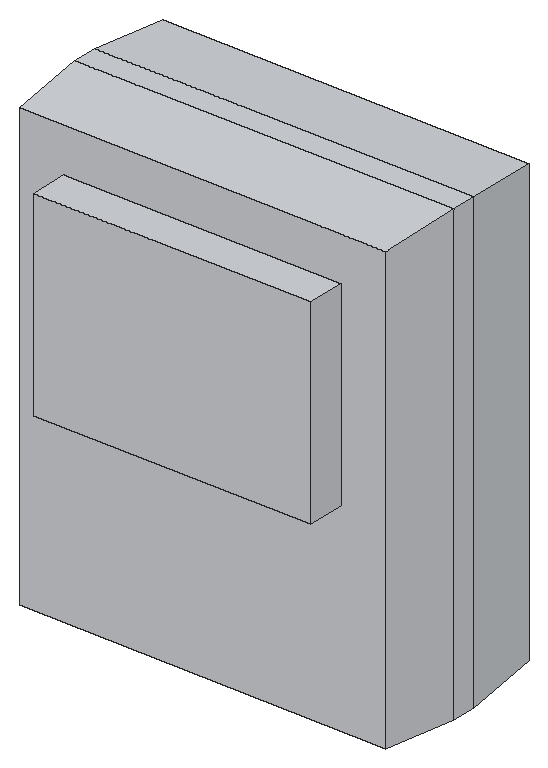
Revit family "M_Aquecedor da unidade", category Equipamento mecânico, Revit 2019
Family settings
  Cota do conector redondo = Utilizar diâmetro
  Tipo de parte = Normal
  Número OmniClass = 23.75.70.17.34
  Título OmniClass = Unit Heaters
  ID de item do Seek = Unit Heater-0000-CAN-ENU
  Com base no plano de trabalho = Não
  Sempre na vertical = Sim
  Corte com vazios quando carregada = Não
  Compartilhado = Não
  Ponto de cálculo do ambiente = Não
Parameters (values of type "3-5 kW")
  Largura 2 = Largura 1 / 2  # 12.5 mm
  Largura 1 = 25 mm
  Voltagem = 208 V
  Número de pólos = 3
  Classificação de carga = Aquecimento
  Largura do aquecedor = 180 mm
  Material do aquecedor = none
  Comprimento do aquecedor = 380 mm
  Altura do aquecedor = 460 mm
  Material da grelha = none
  Altura da grelha = 200 mm
  Seta [instance] = yes
  Carga aparente = 3000 VA
Types (5, lengths in mm): name | Largura 2 | Largura 1 | Voltagem | Largura do aquecedor | Comprimento do aquecedor | Altura do aquecedor | Altura da grelha | Carga aparente
  (no name) | 12.5 | 25 | 208 V | 180 | 380 | 460 | 200 | 3000 VA
  3-5 kW | 12.5 | 25 | 208 V | 180 | 380 | 460 | 200 | 3000 VA
  7.5-10 kW | 17.5 | 35 | 208 V | 250 | 530 | 625 | 280 | 7500 VA
  15-20 kW | 22.5 | 45 | 480 V | 340 | 720 | 860 | 385 | 15000 VA
  25-50 kW | 30 | 60 | 480 V | 410 | 880 | 1050 | 470 | 25000 VA
Reference planes
  plane 1 "Centro (Frente/Trás)": y = 0
  plane 2: z = 0
  plane 3 "Centro (Esquerda/Direita)": x = 0
  plane 4: z = 460
  plane 5: x = 380
  plane 6: z = 409.2
  plane 7: x = 50.8
  plane 8: x = 329.2
  plane 9: z = 209.2
  plane 10 "1": y = -38.1
  plane 11: y = 180
  plane 12: y = 90
  plane 13: y = 102.5
  plane 14: y = 77.5
  plane 15: x = 6.35
  plane 16: x = 373.65
  plane 17: z = 453.65
  plane 18: z = 6.35
  plane 19: z = 384.2
  plane 20: z = 334.2
  plane 21: z = 284.2
  plane 22: z = 234.2
  plane 23: z = 359.2
  plane 24: z = 259.2
  plane 25: z = 309.2
  plane 26: y = -88.9
  plane 27: y = -241.3
  plane 28: x = 190
  plane 29: y = -258.233
  plane 30: y = -292.1
  plane 31: x = 139.2
  plane 32: x = 240.8
  plane 33: y = -309.033
  plane 34: y = -461.433
  plane 35: y = -664.633
  plane 36: x = 152.238
  plane 37: x = 228.1
  plane 38: z = 396.5
Forms (mm)
  Extrusion 1, solid, material <- "Material do aquecedor", detail levels fine
    sketch origin (0, 0, 0) x (1, 0, 0) y (0, 1, 0)
      loop
        line (0, 180) -> (0, 0) -> (380, 0) -> (380, 180) -> (0, 180)
    from 460 to 0
  Extrusion 2, solid, material <- "Material da grelha"
    sketch origin (0, 0, 0) x (1, 0, 0) y (0, 0, 1)
      loop
        line (50.8, 409.2) -> (50.8, 209.2) -> (329.2, 209.2) -> (329.2, 409.2) -> (50.8, 409.2)
    from 38.1 to 0
  Extrusion 3, void
    sketch origin (0, 0, 0) x (1, 0, 0) y (0, 1, 0)
      loop
        line (0, 180) -> (0, 102.5) -> (6.35, 180) -> (0, 180)
      loop
        line (0, 77.5) -> (0, 0) -> (6.35, 0) -> (0, 77.5)
      loop
        line (373.65, 0) -> (380, 0) -> (380, 77.5) -> (373.65, 0)
      loop
        line (373.65, 180) -> (380, 102.5) -> (380, 180) -> (373.65, 180)
    from 0 to 460
  Extrusion 4, void
    sketch origin (0, 0, 0) x (0, 1, 0) y (0, 0, 1)
      loop
        line (180, 460) -> (102.5, 460) -> (180, 453.65) -> (180, 460)
      loop
        line (77.5, 460) -> (0, 460) -> (0, 453.65) -> (77.5, 460)
      loop
        line (180, 0) -> (180, 6.35) -> (102.5, 0) -> (180, 0)
      loop
        line (77.5, 0) -> (0, 6.35) -> (0, 0) -> (77.5, 0)
    from 0 to 380
  Extrusion 5, solid, material <- "Material do aquecedor", detail levels coarse+medium
    sketch origin (0, 0, 0) x (1, 0, 0) y (0, 1, 0)
      loop
        line (0, 180) -> (0, 0) -> (380, 0) -> (380, 180) -> (0, 180)
    from 0 to 460
  Extrusion 6, solid, material <- "Material do aquecedor", detail levels coarse+medium
    sketch origin (0, 0, 0) x (0, 1, 0) y (0, 0, 1)
      loop
        circle (90, 396.5) r 12.7
    from 0 to 6.35
Cuts and joins
  Extrusion 3, Extrusion 4 cuts Extrusion 1
  joined: Extrusion 5, Extrusion 6
Lines and regions (mm)
  model lines, detail levels fine
    curve 1: line (50.8, -38.1, 384.2) -> (329.2, -38.1, 384.2)
    curve 2: line (329.2, -38.1, 359.2) -> (50.8, -38.1, 359.2)
    curve 3: line (50.8, -38.1, 334.2) -> (329.2, -38.1, 334.2)
    curve 4: line (50.8, -38.1, 309.2) -> (329.2, -38.1, 309.2)
    curve 5: line (50.8, -38.1, 284.2) -> (329.2, -38.1, 284.2)
    curve 6: line (50.8, -38.1, 259.2) -> (329.2, -38.1, 259.2)
    curve 7: line (50.8, -38.1, 234.2) -> (329.2, -38.1, 234.2)
  symbolic lines, visible <- "Seta", detail levels coarse+medium
    curve 8: line (190, -88.9, 309.2) -> (190, -241.3, 309.2)
    curve 9: line (190, -241.3, 309.2) -> (240.8, -258.233, 309.2)
    curve 10: line (240.8, -258.233, 309.2) -> (139.2, -292.1, 309.2)
    curve 11: line (139.2, -292.1, 309.2) -> (190, -309.033, 309.2)
    curve 12: line (190, -309.033, 309.2) -> (190, -461.433, 309.2)
    curve 13: line (152.238, -461.433, 309.2) -> (228.1, -461.433, 309.2)
    curve 14: line (228.1, -461.433, 309.2) -> (190, -664.633, 309.2)
    curve 15: line (190, -664.633, 309.2) -> (152.238, -461.433, 309.2)
Dimensions and locks
  "Comprimento do aquecedor": plane 5 to plane 3 "Centro (Esquerda/Direita)"
  "Altura do aquecedor": plane 4 to plane 2
  locked: plane 4 to plane 6 at 50.8
  "Altura da grelha": plane 6 to plane 9
  locked: plane 7 to plane 3 "Centro (Esquerda/Direita)" at 50.8
  locked: plane 5 to plane 8 at 50.8
  locked: plane 10 "1" to plane 1 "Centro (Frente/Trás)" at 38.1
  "Largura do aquecedor": plane 11 to plane 1 "Centro (Frente/Trás)"
  equal spacing: plane 11, plane 12, plane 1 "Centro (Frente/Trás)"
  "Largura 2": plane 13 to plane 12
  "Largura 1": plane 13 to plane 14
  locked: plane 3 "Centro (Esquerda/Direita)" to plane 15 at 6.35
  locked: plane 16 to plane 5 at 6.35
  locked: plane 4 to plane 17 at 6.35
  locked: plane 18 to plane 2 at 6.35
  equal spacing: plane 6, plane 19, plane 23, plane 20, plane 25, plane 21, plane 24, plane 22, plane 9
  plane 10 "1" to plane 26 = 50.8 mm
  plane 26 to plane 27 = 152.4 mm
  equal spacing: plane 3 "Centro (Esquerda/Direita)", plane 28, plane 5
  plane 27 to plane 29 = 16.933 mm
  plane 29 to plane 30 = 33.867 mm
  locked: plane 31 to plane 28 at 50.8
  locked: plane 28 to plane 32 at 50.8
  plane 33 to plane 30 = 16.933 mm
  locked: plane 33 to plane 34 at 152.4
  locked: plane 34 to plane 35 at 203.2
  locked: plane 36 to plane 28 at 37.762
  locked: plane 28 to plane 37 at 38.1
  locked: plane 4 to plane 38 at 63.5
  plane 11 to curve 13 = 641.433 mm
  aligned and locked: Extrusion 1 to plane 3 "Centro (Esquerda/Direita)"
  aligned and locked: plane 5 to Extrusion 1
  aligned and locked: plane 1 "Centro (Frente/Trás)" to Extrusion 1
  aligned and locked: plane 11 to Extrusion 1
  aligned and locked: plane 4 to Extrusion 1
  aligned and locked: Extrusion 1 to plane 2
  aligned and locked: plane 8 to Extrusion 2
  aligned and locked: Extrusion 2 to plane 7
  aligned and locked: plane 6 to Extrusion 2
  aligned and locked: Extrusion 2 to plane 9
  aligned and locked: plane 10 "1" to Extrusion 2
  aligned and locked: Extrusion 2 to plane 1 "Centro (Frente/Trás)"
  aligned and locked: Extrusion 3 to level
  aligned and locked: plane 4 to Extrusion 3
  aligned and locked: Extrusion 4 to plane 3 "Centro (Esquerda/Direita)"
  aligned and locked: plane 5 to Extrusion 4
  aligned and locked: Extrusion 5 to plane 3 "Centro (Esquerda/Direita)"
  aligned and locked: plane 1 "Centro (Frente/Trás)" to Extrusion 5
  aligned and locked: plane 5 to Extrusion 5
  aligned and locked: plane 11 to Extrusion 5
  aligned and locked: Extrusion 5 to level
  aligned and locked: plane 4 to Extrusion 5
  aligned and locked: plane 38 to Extrusion 6 sketch curve
  aligned and locked: plane 12 to Extrusion 6 sketch curve
  aligned and locked: Extrusion 6 to plane 3 "Centro (Esquerda/Direita)"
  aligned and locked: plane 15 to Extrusion 6
  aligned and locked: curve 8 to plane 28
  aligned and locked: curve 12 to plane 28
  aligned and locked: plane 33 to curve 12
  aligned and locked: plane 27 to curve 9
  aligned and locked: plane 32 to curve 9
  aligned and locked: plane 31 to curve 11
  aligned and locked: plane 37 to curve 13
  aligned and locked: plane 28 to curve 15
  aligned and locked: plane 35 to curve 15
  aligned and locked: plane 36 to curve 13
Automatic sketch dimensions
  Extrusion 1 sketch curve to plane 1 "Centro (Frente/Trás)" = 0 mm
  Extrusion 1 sketch curve to plane 3 "Centro (Esquerda/Direita)" = 0 mm
  Extrusion 1 sketch curve to plane 5 = 0 mm
  Extrusion 1 sketch curve to plane 11 = 0 mm
  Extrusion 2 sketch curve to plane 7 = 0 mm
  Extrusion 2 sketch curve to plane 8 = 0 mm
  Extrusion 2 sketch curve to plane 9 = 0 mm
  Extrusion 2 sketch curve to plane 6 = 0 mm
  Extrusion 3 sketch curve to plane 3 "Centro (Esquerda/Direita)" = 0 mm  (x2)
  Extrusion 3 sketch curve to plane 1 "Centro (Frente/Trás)" = 0 mm  (x2)
  Extrusion 3 sketch curve to plane 15 = 0 mm  (x2)
  Extrusion 3 sketch curve to plane 11 = 0 mm  (x2)
  Extrusion 3 sketch curve to plane 16 = 0 mm  (x2)
  Extrusion 3 sketch curve to plane 5 = 0 mm  (x2)
  Extrusion 3 sketch curve to plane 14 = 0 mm  (x2)
  Extrusion 3 sketch curve to plane 13 = 0 mm  (x2)
  Extrusion 4 sketch curve to plane 1 "Centro (Frente/Trás)" = 0 mm  (x2)
  Extrusion 4 sketch curve to level = 0 mm  (x2)
  Extrusion 4 sketch curve to plane 4 = 0 mm  (x2)
  Extrusion 4 sketch curve to plane 14 = 0 mm  (x2)
  Extrusion 4 sketch curve to plane 13 = 0 mm  (x2)
  Extrusion 4 sketch curve to plane 11 = 0 mm  (x2)
  Extrusion 4 sketch curve to plane 18 = 0 mm  (x2)
  Extrusion 4 sketch curve to plane 17 = 0 mm  (x2)
  curve 4 to plane 8 = 0 mm
  curve 1 to plane 8 = 0 mm
  curve 2 to plane 8 = 0 mm
  curve 6 to plane 8 = 0 mm
  curve 5 to plane 8 = 0 mm
  curve 3 to plane 8 = 0 mm
  curve 7 to plane 8 = 0 mm
  curve 5 to plane 7 = 0 mm
  curve 3 to plane 7 = 0 mm
  curve 6 to plane 7 = 0 mm
  curve 2 to plane 7 = 0 mm
  curve 7 to plane 7 = 0 mm
  curve 1 to plane 7 = 0 mm
  curve 4 to plane 7 = 0 mm
  curve 7 to plane 22 = 0 mm
  curve 6 to plane 24 = 0 mm
  curve 5 to plane 21 = 0 mm
  curve 4 to plane 25 = 0 mm
  curve 3 to plane 20 = 0 mm
  curve 2 to plane 23 = 0 mm
  curve 1 to plane 19 = 0 mm
  Extrusion 5 sketch curve to plane 1 "Centro (Frente/Trás)" = 0 mm
  Extrusion 5 sketch curve to plane 3 "Centro (Esquerda/Direita)" = 0 mm
  Extrusion 5 sketch curve to plane 5 = 0 mm
  Extrusion 5 sketch curve to plane 11 = 0 mm
  curve 9 to plane 29 = 0 mm
  curve 8 to plane 26 = 0 mm
  curve 10 to plane 30 = 0 mm
  radius of Extrusion 6 sketch curve = 12.7 mm
Connectors
  electrical at (0, 90, 396.5), driven by "Número de pólos", driven by "Voltagem", driven by "Carga aparente", driven by "Classificação de carga"
    settings: on Extrusion 6, index 1, voltage 208 V, apparent load 3000 VA, apparent load phase1 0 VA, apparent load phase2 0 VA, apparent load phase3 0 VA, power factor 0.8, load classification "Aquecimento", number of poles 3, system type 30, power factor state 1, is connector primary yes, connector utility no, sub classification motor no, connector description ""
